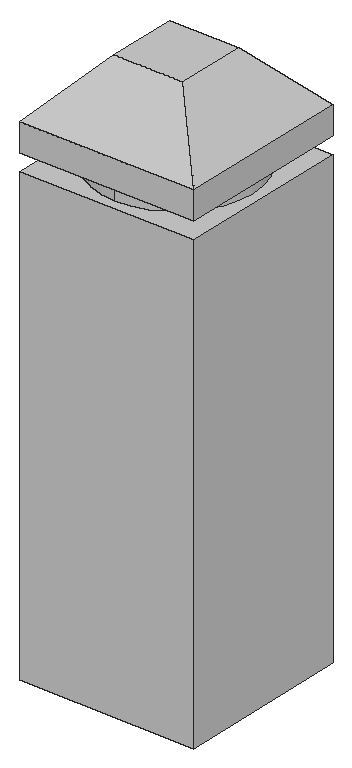
Revit family
Parameters (values of type "300 x 300 mm")
  Width = 250 mm
  Bollard Material = Concrete - Precast Concrete
  Bollard Height = 655 mm
Types (3, lengths in mm): name | Bollard Height
  (no name) | 655
  300 x 300 mm | 655
  250 x 250 mm | 650
Reference planes
  plane 1 "Center (Front/Back)": y = 2.4
  plane 2: z = 0
  plane 3 "Center (Left/Right)": x = 2.4
  plane 4: x = 127.4
  plane 5: y = -122.6
  plane 6: y = 127.4
  plane 7: x = -122.6
  plane 8: z = 655
  plane 9: z = 800
Forms (mm)
  Extrusion 1, solid, material "Concrete - Precast Concrete" <- "Bollard Material"
    sketch origin (0, 0, 0) x (1, 0, 0) y (0, 1, 0)
      loop
        line (-122.6, 127.4) -> (-122.6, -122.6) -> (127.4, -122.6) -> (127.4, 127.4) -> (-122.6, 127.4)
    from 0 to 655
  Extrusion 2, solid, material "Concrete - Precast Concrete" <- "Bollard Material"
    sketch origin (0, 0, 655) x (0, -1, 0) y (-1, 0, 0)
      loop
        circle (-2.4, -2.4) r 110
    from 0 to -25
  Extrusion 3, solid, material "Concrete - Precast Concrete" <- "Bollard Material"
    sketch origin (0, 0, 655) x (0, -1, 0) y (-1, 0, 0)
      loop
        line (-127.4, 122.6) -> (-127.4, -127.4) -> (122.6, -127.4) -> (122.6, 122.6) -> (-127.4, 122.6)
    from -25 to -65
  Blend 4, solid, material "Concrete - Precast Concrete" <- "Bollard Material"
    base sketch origin (0, 0, 655) x (0, -1, 0) y (1, 0, 0)
      loop
        line (-127.4, -122.6) -> (122.6, -122.6) -> (122.6, 127.4) -> (-127.4, 127.4) -> (-127.4, -122.6)
    top sketch origin (0, 0, 655) x (0, -1, 0) y (1, 0, 0)
      loop
        line (-52.4, -47.6) -> (47.6, -47.6) -> (47.6, 52.4) -> (-52.4, 52.4) -> (-52.4, -47.6)
    from 65 to 145
Lines and regions (mm)
  symbolic lines, style "Site Accessories"
    curve 1: line (-122.6, 127.4, 0) -> (127.4, 127.4, 0)
    curve 2: line (-122.6, -122.6, 0) -> (-122.6, 127.4, 0)
    curve 3: line (127.4, -122.6, 0) -> (-122.6, -122.6, 0)
    curve 4: line (127.4, 127.4, 0) -> (127.4, -122.6, 0)
  symbolic lines
    curve 5: line (-47.6, -47.6, 0) -> (52.4, -47.6, 0)
    curve 6: line (-47.6, 52.4, 0) -> (-47.6, -47.6, 0)
    curve 7: line (52.4, 52.4, 0) -> (-47.6, 52.4, 0)
    curve 8: line (52.4, -47.6, 0) -> (52.4, 52.4, 0)
    curve 9: line (52.4, 52.4, 0) -> (127.4, 127.4, 0)
    curve 10: line (52.4, -47.6, 0) -> (127.4, -122.6, 0)
    curve 11: line (-47.6, -47.6, 0) -> (-122.6, -122.6, 0)
    curve 12: line (-47.6, 52.4, 0) -> (-122.6, 127.4, 0)
Dimensions and locks
  "Width": plane 7 to plane 4
  "Width": plane 5 to plane 6
  equal spacing: plane 7, plane 3 "Center (Left/Right)", plane 4
  equal spacing: plane 5, plane 1 "Center (Front/Back)", plane 6
  "Bollard Height": plane 8 to level
  locked: plane 9 to plane 8 at 145
  plane 9 to level = 800 mm
  aligned and locked: Extrusion 1 to plane 8
  aligned and locked: plane 8 to Extrusion 2
  aligned and locked: Extrusion 3 sketch curve to Extrusion 1  (x2)
  aligned and locked: Extrusion 3 to Extrusion 2
  aligned and locked: Blend 4 sketch curve to Extrusion 1  (x2)
  aligned and locked: plane 9 to Blend 4
Automatic sketch dimensions
  Extrusion 1 sketch curve to plane 5 = 0 mm
  Extrusion 1 sketch curve to plane 7 = 0 mm
  Extrusion 1 sketch curve to plane 4 = 0 mm
  Extrusion 1 sketch curve to plane 6 = 0 mm
  Extrusion 2 sketch curve to plane 1 "Center (Front/Back)" = 0 mm
  Extrusion 2 sketch curve to plane 3 "Center (Left/Right)" = 0 mm
  Blend 4 sketch curve to plane 1 "Center (Front/Back)" = 50 mm
  plane 1 "Center (Front/Back)" to Blend 4 sketch curve = 50 mm
  Blend 4 sketch curve to plane 3 "Center (Left/Right)" = 50 mm
  plane 3 "Center (Left/Right)" to Blend 4 sketch curve = 50 mm
  Extrusion 3 sketch curve to plane 5 = 0 mm
  Extrusion 3 sketch curve to plane 7 = 0 mm
  Blend 4 sketch curve to plane 5 = 0 mm
  Blend 4 sketch curve to plane 7 = 0 mm
  curve 11 to plane 5 = 0 mm
  curve 12 to plane 6 = 0 mm
  curve 12 to plane 7 = 0 mm
  curve 10 to plane 4 = 0 mm
  curve 11 to plane 3 "Center (Left/Right)" = 50 mm
  plane 3 "Center (Left/Right)" to curve 5 = 50 mm
  plane 1 "Center (Front/Back)" to curve 5 = 50 mm
  curve 7 to plane 1 "Center (Front/Back)" = 50 mm
  radius of Extrusion 2 sketch curve = 110 mm
